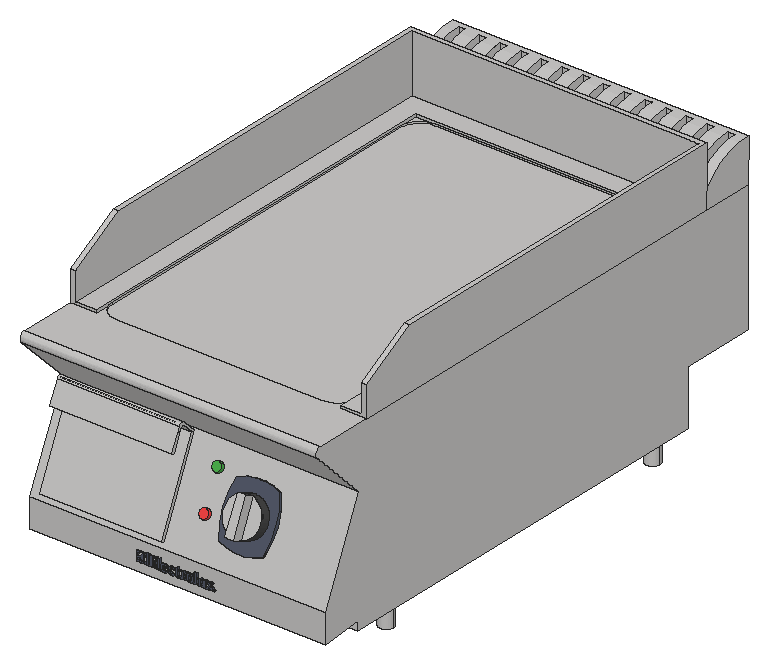
Revit family "QF_ELECTROLUXPROFESSIONAL_371193_E7FTEDCSI0", category Specialty Equipment, Revit 2018 (continued)
Automatic sketch dimensions
  Extrusion 21 sketch curve to Extrusion 21 sketch curve = 9.296 mm
  Extrusion 21 sketch curve to Extrusion 21 sketch curve = 57.15 mm
  plane 1 "BACK" to Extrusion 22 sketch curve = 6.761 mm
  plane 7 "Center Y" to Extrusion 22 sketch curve = 46.63 mm
  Extrusion 22 sketch curve to Extrusion 22 sketch curve = 9.296 mm
  Extrusion 22 sketch curve to Extrusion 22 sketch curve = 57.15 mm
  plane 1 "BACK" to Extrusion 23 sketch curve = 6.761 mm
  plane 7 "Center Y" to Extrusion 23 sketch curve = 74.619 mm
  Extrusion 23 sketch curve to Extrusion 23 sketch curve = 9.296 mm
  Extrusion 23 sketch curve to Extrusion 23 sketch curve = 57.15 mm
  plane 1 "BACK" to Extrusion 24 sketch curve = 6.761 mm
  Extrusion 24 sketch curve to plane 4 "RIGHT" = 97.418 mm
  Extrusion 24 sketch curve to Extrusion 24 sketch curve = 9.296 mm
  Extrusion 24 sketch curve to Extrusion 24 sketch curve = 57.15 mm
  plane 1 "BACK" to Extrusion 25 sketch curve = 6.761 mm
  Extrusion 25 sketch curve to plane 4 "RIGHT" = 69.43 mm
  Extrusion 25 sketch curve to Extrusion 25 sketch curve = 9.296 mm
  Extrusion 25 sketch curve to Extrusion 25 sketch curve = 57.15 mm
  plane 1 "BACK" to Extrusion 26 sketch curve = 6.761 mm
  Extrusion 26 sketch curve to plane 4 "RIGHT" = 41.441 mm
  Extrusion 26 sketch curve to Extrusion 26 sketch curve = 9.296 mm
  Extrusion 26 sketch curve to Extrusion 26 sketch curve = 57.15 mm
  Sweep 27 sketch curve to plane 4 "RIGHT" = 35.025 mm
  plane 3 "LEFT" to Sweep 27 sketch curve = 35.025 mm
  Sweep 27 sketch curve to plane 12 = 42.753 mm
  plane 11 to Sweep 27 sketch curve = 47 mm  (x2)
  Sweep 27 sketch curve to plane 10 "TOP A" = 0 mm
  profile plane to Sweep 27 sketch curve = 0 mm
  profile plane to Sweep 27 sketch curve = 28.675 mm
  Sweep 27 sketch curve to Sweep 27 sketch curve = 6.35 mm
  plane 10 "TOP A" to Sweep 27 sketch curve = 3.175 mm
  Extrusion 28 sketch curve to Sweep 27 = 0 mm  (x2)
  Extrusion 28 sketch curve to Extrusion 28 sketch curve = 73.03 mm
  Extrusion 28 sketch curve to Sweep 27 = 40.481 mm
  Sweep 27 to Extrusion 29 sketch curve = 0 mm
  Extrusion 29 sketch curve to Sweep 27 = 0 mm
  Extrusion 29 sketch curve to Extrusion 29 sketch curve = 73.03 mm
  Extrusion 29 sketch curve to Sweep 27 = 40.481 mm
  Extrusion 1 to Extrusion 30 sketch curve = 30.245 mm
  Extrusion 1 to Extrusion 30 sketch curve = 180.004 mm
  Extrusion 31 sketch curve to Extrusion 1 = 52.158 mm
  Extrusion 1 to Extrusion 31 sketch curve = 180.004 mm
  Extrusion 1 sketch curve to plane 10 "TOP A" = 0 mm
  Extrusion 1 sketch curve to plane 9 "BASE" = 0 mm
  Extrusion 1 sketch curve to plane 1 "BACK" = 0 mm
  Extrusion 1 sketch curve to plane 12 = 46.038 mm
  plane 11 to Extrusion 1 sketch curve = 59.531 mm
  plane 9 "BASE" to Extrusion 1 sketch curve = 12.7 mm
  plane 11 to Extrusion 1 sketch curve = 62.516 mm
  Extrusion 1 sketch curve to plane 5 "FRONT" = 16.478 mm
  Extrusion 1 sketch curve to plane 5 "FRONT" = 7.345 mm
  Extrusion 1 sketch curve to plane 5 "FRONT" = 2.16 mm
  plane 9 "BASE" to Extrusion 1 sketch curve = 7.09 mm
  Extrusion 1 sketch curve to Extrusion 1 sketch curve = 38.1 mm
  plane 9 "BASE" to Extrusion 1 sketch curve = 74.612 mm
  Extrusion 1 sketch curve to plane 10 "TOP A" = 83.191 mm
  Extrusion 1 sketch curve to plane 10 "TOP A" = 12.517 mm
  plane 5 "FRONT" to curve 80 = 0 mm
  plane 3 "LEFT" to curve 78 = 12.7 mm
  curve 80 to plane 7 "Center Y" = 22.225 mm
  plane 5 "FRONT" to curve 78 = 1.554 mm
  plane 5 "FRONT" to curve 80 = 52.387 mm
  radius of Extrusion 3 sketch curve = 9.525 mm  (x4)
  radius of Extrusion 5 sketch curve = 25.4 mm
  radius of Extrusion 6 sketch curve to Extrusion 5 = 0 mm  (x2)
  radius of Extrusion 8 sketch curve = 12.7 mm
  radius of Extrusion 30 sketch curve = 6.35 mm
  radius of Extrusion 31 sketch curve = 6.35 mm
Connectors
  electrical at (349.25, -98.425, 57.718), driven by "Volts", driven by "Watts"
    settings: on Extrusion 8, index 1, voltage 400 V, apparent load 4200 VA, apparent load phase1 0 VA, apparent load phase2 0 VA, apparent load phase3 0 VA, power factor 1, load classification "Other", number of poles 1, system type 30, power factor state 1, is connector primary yes, connector utility no, sub classification motor no, connector description "Electrical Connection"
